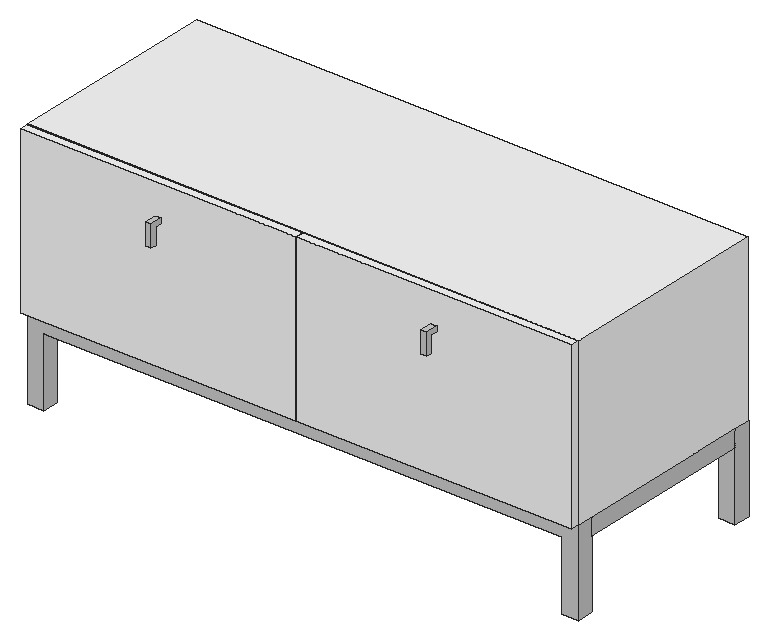
Revit family
Parameters
  width right = 500 mm
  width left = 500 mm
  leg to front = 192.5 mm
  leg height = 155 mm
  height = 455 mm
Reference planes
  plane 1 "Center (Front/Back)": y = 0
  plane 2: z = 0
  plane 3 "Center (Left/Right)": x = 0
  plane 4: x = 500
  plane 5: x = -500
  plane 6: z = 155
  plane 7: z = 455
  plane 8: y = 192.5
  plane 9: x = 250
  plane 10: x = -250
Forms (mm)
  Extrusion 1, solid, material "melamine - white"
    sketch origin (0, 0, 0) x (1, 0, 0) y (0, 1, 0)
      loop
        line (-500, 0) -> (500, 0) -> (500, 385) -> (-500, 385) -> (-500, 0)
    from 155 to 455
  Sweep 2, solid, material "light grey metal"
    path origin (0, -15, 0) x (1, 0, 0) y (0, 0, 1)
      loop
        line (-500, 0) -> (-500, 155) -> (500, 155) -> (500, 0)
    profile "M_Rectangular Handrail : 30 x 30mm" origin (-500, -15, 77.5) x (-1, 0, 0) y (0, -1, 0)
      loop
        line (-30, -15) -> (-30, -45) -> (0, -45) -> (0, -15) -> (-30, -15)
  Sweep 3, solid, material "light grey metal"
    path origin (0, 340, 0) x (1, 0, 0) y (0, 0, 1)
      loop
        line (-500, 0) -> (-500, 155) -> (500, 155) -> (500, 0)
    profile "M_Rectangular Handrail : 30 x 30mm" origin (-500, 340, 77.5) x (-1, 0, 0) y (0, -1, 0)
      loop
        line (-30, -15) -> (-30, -45) -> (0, -45) -> (0, -15) -> (-30, -15)
  Extrusion 4, solid, material "melamine - white"
    sketch origin (0, 0, 0) x (1, 0, 0) y (0, 1, 0)
      loop
        line (-500, -1) -> (-500, -16) -> (0, -16) -> (0, -1) -> (-500, -1)
    from 155 to 455
  Extrusion 5, solid, material "melamine - white"
    sketch origin (0, 0, 0) x (-1, 0, 0) y (0, -1, 0)
      loop
        line (-500, 1) -> (0, 1) -> (0, 16) -> (-500, 16) -> (-500, 1)
    from 155 to 455
  Sweep 6, solid, material "satiin metal"
    path origin (250, -89.762, 1210) x (0, -1, 0) y (0, 0, 1)
      loop
        line (-73.762, -810) -> (-51.762, -810) -> (-51.762, -850)
    profile "M_Rectangular Handrail : 10 x 10mm" origin (250, -27, 400) x (0, 0, 1) y (-1, 0, 0)
      loop
        line (0, -5) -> (0, 5) -> (-10, 5) -> (-10, -5) -> (0, -5)
  Sweep 7, solid, material "satiin metal"
    path origin (-250, -89.762, 1210) x (0, -1, 0) y (0, 0, 1)
      loop
        line (-73.762, -810) -> (-51.762, -810) -> (-51.762, -850)
    profile "M_Rectangular Handrail : 10 x 10mm" origin (-250, -27, 400) x (0, 0, 1) y (-1, 0, 0)
      loop
        line (0, -5) -> (0, 5) -> (-10, 5) -> (-10, -5) -> (0, -5)
  Extrusion 8, solid, material "light grey metal"
    sketch origin (-500, 572.289, 1200) x (0, 1, 0) y (0, 0, -1)
      loop
        line (-217.289, 1075) -> (-542.289, 1075) -> (-542.289, 1045) -> (-217.289, 1045) -> (-217.289, 1075)
    from 0 to -30
  Extrusion 9, solid, material "light grey metal"
    sketch origin (500, 572.289, 1200) x (0, 1, 0) y (0, 0, 1)
      loop
        line (-217.289, -1075) -> (-217.289, -1045) -> (-542.289, -1045) -> (-542.289, -1075) -> (-217.289, -1075)
    from 0 to -30
Dimensions and locks
  "width left": plane 5 to plane 3 "Center (Left/Right)"
  "width right": plane 3 "Center (Left/Right)" to plane 4
  "leg height": plane 6 to level
  "height": plane 7 to level
  "leg to front": plane 8 to Sweep 2
  plane 7 to Sweep 6 = 65 mm
  equal spacing: plane 3 "Center (Left/Right)", plane 9, plane 4
  locked: plane 7 to Sweep 6 at 55
  equal spacing: plane 3 "Center (Left/Right)", plane 10, plane 5
  aligned and locked: plane 5 to Extrusion 1 sketch curve
  aligned and locked: plane 4 to Extrusion 1 sketch curve
  aligned and locked: plane 6 to Extrusion 1
  aligned and locked: plane 7 to Extrusion 1
  aligned and locked: Extrusion 1 to Extrusion 4 sketch curve
  aligned and locked: Extrusion 4 sketch curve to plane 3 "Center (Left/Right)"
  aligned and locked: Sweep 3 to Extrusion 8 sketch curve  (x2)
  aligned and locked: Sweep 2 to Extrusion 8 sketch curve  (x2)
Automatic sketch dimensions
  Extrusion 1 sketch curve to plane 1 "Center (Front/Back)" = 0 mm
  Extrusion 1 sketch curve to plane 8 = 192.5 mm
  Sweep 2 sketch curve to plane 5 = 0 mm
  Sweep 2 sketch curve to plane 4 = 0 mm
  Sweep 2 sketch curve to level = 0 mm  (x2)
  Sweep 2 sketch curve to plane 6 = 0 mm
  Sweep 3 sketch curve to plane 5 = 0 mm
  Sweep 3 sketch curve to plane 4 = 0 mm
  Sweep 3 sketch curve to level = 0 mm  (x2)
  Sweep 3 sketch curve to plane 6 = 0 mm
  plane 1 "Center (Front/Back)" to Extrusion 4 sketch curve = 16 mm
  plane 1 "Center (Front/Back)" to Extrusion 4 sketch curve = 1 mm
  Extrusion 5 sketch curve to plane 4 = 0 mm
  Extrusion 5 sketch curve to plane 3 "Center (Left/Right)" = 0 mm
  Extrusion 5 sketch curve to plane 1 "Center (Front/Back)" = 16 mm
  Extrusion 5 sketch curve to plane 1 "Center (Front/Back)" = 1 mm
  plane 1 "Center (Front/Back)" to Sweep 6 sketch curve = 16 mm
  Sweep 6 sketch curve to Sweep 6 sketch curve = 22 mm
  Sweep 6 sketch curve to plane 7 = 95 mm
  Sweep 6 sketch curve to Sweep 6 sketch curve = 40 mm
  plane 1 "Center (Front/Back)" to Sweep 7 sketch curve = 16 mm
  Sweep 7 sketch curve to Sweep 7 sketch curve = 22 mm
  Sweep 7 sketch curve to plane 7 = 95 mm
  Sweep 7 sketch curve to Sweep 7 sketch curve = 40 mm
  Extrusion 9 sketch curve to plane 6 = 0 mm
  Extrusion 9 sketch curve to plane 1 "Center (Front/Back)" = 30 mm
  Extrusion 9 sketch curve to plane 8 = 162.5 mm
  Extrusion 9 sketch curve to plane 6 = 30 mm
